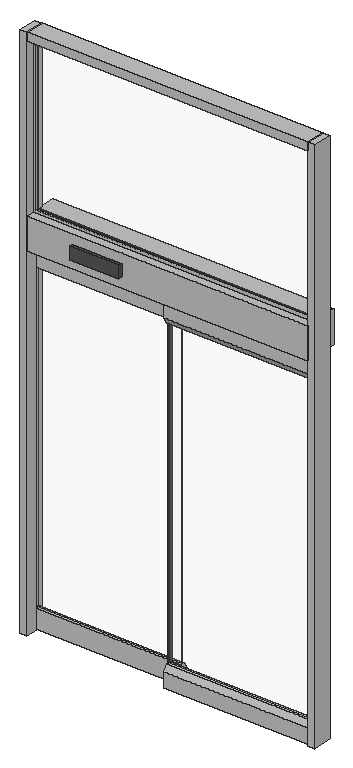
Revit family "Auto-Door_Sliding_Single_CurtainWall_Tormax_TX9500", category Doors, Revit 2026
Family settings
  Classification Number = 23.30.10.17.11
  Always vertical = Yes
  Cut with Voids When Loaded = No
  Shared = No
  Room Calculation Point = No
Parameters (values of type "Glass Sidelight with Transom OX")
  transomheight [instance] = if(Include Transom, Transom Height, 0' 0")  # 3' - 4"
  headerdepth = if(HD Drive, 0' 9 1/2", 0' 8")  # 0' - 8"
  XO = not(OX)  # no
  Water Penetration = "as Specified"
  Warranty Duration (Years) = 0
  VLT [instance] = 0
  Unit Width [instance] = 5' - 11 1/2"
  Unit Height [instance] = 11' - 0"
  URL = "http://www.tormaxusa.com/"
  U-Factor [instance] = 0
  Transom Height [instance] = 3' - 4"
  Thickness = Frame Thickness  # 0' - 4 1/2"
  Test Data = ""
  Structural Test Pressure = "N/A"
  Standards Conformance = "ANSI A156.10  ;  NFPA 101  ;  UL325  ;  C-UL"
  Specification = "http://www.arcat.com/sdspecs/htm/08463tor.htm"
  SpecWizard = ""
  Sensor Color [instance] = Metal - Tormax - Black
  Send Message = "http://www.arcat.com/users.pl?action=UserEmail&company=Tormax+Technologies,+Inc.&coid=43969&rep=108&fax=210-494-5930&mf="
  Sales Information = "http://www.tormaxusa.com/contact.php"
  SHGC [instance] = 0
  Revision = "R1_02-2014"
  ReportPackageWidth [instance] = 5' - 11.88605"
  ReportPackageHeight [instance] = 10' - 11 3/4"
  RO Width [instance] = Unit Width + (RO Spacing_Sides * 2)  # 6' - 0"
  RO Spacing_Top = 0' - 0 1/4"
  RO Spacing_Sides = 0' - 0 1/4"
  RO Height [instance] = Unit Height + (RO Spacing_Top)  # 11' - 0 1/4"
  Product Properties = ""
  Product Data = "http://www.arcat.com/arcatcos/cos43/arc43969.html"
  Panel Width [instance] = (Unit Width - 0' 1") / 2  # 2' - 11 1/4"
  Panel Thickness = 0' - 1 3/4"  # constant formula
  Operating Temperature Range = "Ambient -30F to 130F"
  OX = yes
  Miami Dade Conformance = "Does Not Apply"
  Max Width [instance] = 16' - 0"
  Max Height [instance] = 8' - 8"
  Include Transom = yes
  Has Partial Breakout Capability = yes
  HD Drive = no
  Glazing Tint [instance] = Glass - Tormax - Glazing as Specified
  Glazing Thickness_Transom [instance] = 0' - 0 1/4"
  Glazing Thickness_Sliding Panel = 0' - 0 1/2"
  Glazing Thickness_Fixed Panel = 0' - 0 1/2"
  Frame Thickness = 0' - 4 1/2"  # constant formula
  Frame Finish [instance] = Metal - Tormax - Aluminum Finished as Specified
  Fixed Panel Material [instance] = Glass - Tormax - Glazing as Specified
  Egress Width [instance] = Clear Door Opening Width + 0' 3"  # 2' - 8 3/4"
  Door Threshold [instance] = 9500SS : No Threshold
  Define Thermal Properties by = Schematic Type
  Clear Door Opening Width [instance] = Panel Width - 0' 5 1/2"  # 2' - 5 3/4"
  Clear Door Opening Height [instance] = Unit Height - Transom Height - 0' 7 3/4" - 0' 0 5/8"  # 6' - 11 5/8"
  CL Adjustment Location [instance] = 0' - 0"
  Model = "TX9500 as Specified"
  Manufacturer Website = "http://www.tormaxusa.com/"
  Manufacturer Phone - Toll Free = "888-685-3707"
  Manufacturer Phone = "210-494-3551"
  Manufacturer Fax = "210-494-5930"
  Manufacturer Address = "12859 Wetmore Rd. San Antonio, TX 78247"
  Manufacturer = "TORMAX USA Inc."
  Maintenance Schedule (Months) = 0
  Keynote = "08463"
  Installation-Fabrication = ""
  Installation Phase = ""
  Green Building-LEED = "http://www.arcat.com/green/clients/leed_data_43969.html"
  Function = Interior
  Expected Lifespan (Years) = 0
  Drawn By = "Sumex Design, Inc. / Robert S. Weygant, CSI, CDT, SCIP"
  Description = "Tormax Automatic Sliding Door - All Glass TX9500 as Specified"
  Copyright = "©Arcat Inc."
  Construction Details = "http://www.arcat.com/details/tormax/tormax.html?coid=43969"
  Breakout Angle [instance] = 45.00°
  Backset from Panel CL [instance] = 0' - 0"
  Available Options = "[Standard Weatherstripping][Electric Lock][Battery Backup][Door Position Monitoring][I/O Module][Key Switch]"
  Assembly Code = "B2030110"
  Analytic Construction = "<None>"
  Air Infiltration = "N/A"
Types (8): name | transomheight | headerdepth | XO | Unit Height | Transom Height | RO Height | OX | Include Transom | HD Drive | Model | Description
  HD Glass Sidelight with no Transom OX | 0' - 0" | 0' - 9 1/2" | no | 7' - 8" | 0' - 0" | 7' - 8 1/4" | yes | no | yes | "TX9500HD as Specified" | "Tormax HD Automatic Sliding Door - All Glass TX9500HD as Specified"
  HD Glass Sidelight with no Transom XO | 0' - 0" | 0' - 9 1/2" | yes | 7' - 8" | 0' - 0" | 7' - 8 1/4" | no | no | yes | "TX9500HD as Specified" | "Tormax HD Automatic Sliding Door - All Glass TX9500HD as Specified"
  HD Glass Sidelight with Transom OX | 3' - 4" | 0' - 9 1/2" | no | 11' - 0" | 3' - 4" | 11' - 0 1/4" | yes | yes | yes | "TX9500HD as Specified" | "Tormax HD Automatic Sliding Door - All Glass TX9500HD as Specified"
  HD Glass Sidelight with Transom XO | 3' - 4" | 0' - 9 1/2" | yes | 11' - 0" | 3' - 4" | 11' - 0 1/4" | no | yes | yes | "TX9500HD as Specified" | "Tormax HD Automatic Sliding Door - All Glass TX9500HD as Specified"
  Glass Sidelight with no Transom OX | 0' - 0" | 0' - 8" | no | 7' - 8" | 0' - 0" | 7' - 8 1/4" | yes | no | no | "TX9500 as Specified" | "Tormax Automatic Sliding Door - All Glass TX9500 as Specified"
  Glass Sidelight with no Transom XO | 0' - 0" | 0' - 8" | yes | 7' - 8" | 0' - 0" | 7' - 8 1/4" | no | no | no | "TX9500 as Specified" | "Tormax Automatic Sliding Door - All Glass TX9500 as Specified"
  Glass Sidelight with Transom OX | 3' - 4" | 0' - 8" | no | 11' - 0" | 3' - 4" | 11' - 0 1/4" | yes | yes | no | "TX9500 as Specified" | "Tormax Automatic Sliding Door - All Glass TX9500 as Specified"
  Glass Sidelight with Transom XO | 3' - 4" | 0' - 8" | yes | 11' - 0" | 3' - 4" | 11' - 0 1/4" | no | yes | no | "TX9500 as Specified" | "Tormax Automatic Sliding Door - All Glass TX9500 as Specified"
Reference planes (in)
  plane 1 "Center (Front/Back": y = 0
  plane 2: z = 0
  plane 3 "Center (Left/Right)": x = 20.94197
  plane 4 "Left": x = -15.25106
  plane 5 "Right": x = 57.13499
  plane 6 "Top": z = 131.75
  plane 7: y = 0
  plane 8: y = 2.25
  plane 9: y = -2.25
  plane 10: x = -15.00106
  plane 11: x = 56.88499
  plane 12: z = 132
  plane 13: z = 91.75
  plane 14 "Frame CL": y = 0
Text (in)
  text "Exterior" at (-65.12119, 31.38743, 0), in view "Plan"
Dimensions and locks (in)
  equal spacing: plane 4 "Left", plane 3 "Center (Left/Right)", plane 5 "Right"
  "CL Adjustment Location": plane 1 "Center (Front/Back" to plane 7
  plane 8 to plane 9 = 0' - 4 1/2"
  locked: plane 8 to plane 9 at 4.5
  "RO Spacing_Sides": plane 4 "Left" to plane 10
  "RO Spacing_Sides": plane 11 to plane 5 "Right"
  "RO Spacing_Top": plane 12 to plane 6 "Top"
  "ReportPackageWidth": plane 10 to plane 11
  "ReportPackageHeight": plane 6 "Top" to level
  "transomheight": plane 6 "Top" to plane 13
  equal spacing: plane 8, plane 14 "Frame CL", plane 9
  "Backset from Panel CL": plane 7 to plane 14 "Frame CL"
  aligned and locked: nested 2 to plane 3 "Center (Left/Right)"
  aligned and locked: nested 1 to plane 3 "Center (Left/Right)"
Nested families (in)
  nested 1: "9500SS" at (20.94197, 0, 66) x (1, 0, 0) z (0, 1, 0), include transom <- "Include Transom", breakout <- "Has Partial Breakout Capability", breakout angle <- "Breakout Angle", doodad finish <- "Sensor Color", transom height <- "Transom Height", transom glass thickness <- "Glazing Thickness_Transom", header depth <- "headerdepth", Unit Width <- "ReportPackageWidth", Unit Height <- "ReportPackageHeight", transom glazing <- "Glazing Tint", sliding panel glazing <- "Glazing Tint", frame finish <- "Frame Finish", fixed panel glazing <- "Fixed Panel Material", visible <- "OX", type <- "Door Threshold", type "No Threshold"
    with transom height 3' - 4", transom glazing Glass - Tormax - Glazing as Specified, transom glass thickness 0' - 0 1/4", surface mount yes, sliding panel glazing Glass - Tormax - Glazing as Specified, panelheightb 7' - 0", panelheighta 6' - 11 11/16", panel width 2' - 11.44303", include transom yes, header depth 0' - 8", frame finish Metal - Tormax - Aluminum Finished as Specified, flush mount no, fixed panel glazing Glass - Tormax - Glazing as Specified, doodad finish Metal - Tormax - Black, center rail width 0' - 1 3/4", breakout angle 45.00°, breakout yes, air space 0' - 0 5/16", accesscontrol no, Wall Thickness for Sensor Placement 0' - 0", Unit Width 5' - 11.88605", Unit Height 10' - 11 3/4"
  nested 2: "9500SS" at (20.94197, 0, 66) x (-1, 0, 0) z (0, 1, 0), include transom <- "Include Transom", breakout <- "Has Partial Breakout Capability", breakout angle <- "Breakout Angle", doodad finish <- "Sensor Color", Unit Width <- "ReportPackageWidth", Unit Height <- "ReportPackageHeight", visible <- "XO", transom glazing <- "Glazing Tint", sliding panel glazing <- "Glazing Tint", fixed panel glazing <- "Fixed Panel Material", frame finish <- "Frame Finish", transom height <- "Transom Height", transom glass thickness <- "Glazing Thickness_Transom", header depth <- "headerdepth", type <- "Door Threshold", type "No Threshold"
    with transom height 3' - 4", transom glazing Glass - Tormax - Glazing as Specified, transom glass thickness 0' - 0 1/4", surface mount yes, sliding panel glazing Glass - Tormax - Glazing as Specified, panelheightb 7' - 0", panelheighta 6' - 11 11/16", panel width 2' - 11.44303", include transom yes, header depth 0' - 8", frame finish Metal - Tormax - Aluminum Finished as Specified, flush mount no, fixed panel glazing Glass - Tormax - Glazing as Specified, doodad finish Metal - Tormax - Black, center rail width 0' - 1 3/4", breakout angle 45.00°, breakout yes, air space 0' - 0 5/16", accesscontrol no, Wall Thickness for Sensor Placement 0' - 0", Unit Width 5' - 11.88605", Unit Height 10' - 11 3/4"
Definition of nested family "9500SS"
  Parameters (values of type "No Threshold")
    transom height [instance] = 3' - 4 3/16"
    transom glazing [instance] = none
    transom glass thickness [instance] = 0' - 1"
    surface threshold = no
    surface mount [instance] = yes
    flush mount [instance] = not(surface mount)  # no
    panelheightb [instance] = Unit Height - transom height - 0' 7 3/4" - (air space - 0' 0 5/16")  # 7' - 0 1/16"
    panelheighta [instance] = Unit Height - transom height - 0' 7 3/4" - air space  # 6' - 11 3/4"
    sliding panel glazing [instance] = none
    panel width [instance] = (Unit Width - (0' 1 3/4" * 2)) / 2 + 0' 1 1/4"  # 3' - 5 1/2"
    panel thickness = 0' - 1 3/4"
    include transom [instance] = yes
    sliding glazing thickness = 0' - 0 1/2"
    header depth [instance] = 0' - 8"
    frame finish [instance] = none
    fixed panel glazing [instance] = none
    fixed glazing thickness = 0' - 0 1/2"
    doodad finish [instance] = none
    center rail width [instance] = if(accesscontrol, 0' 4 1/2", 0' 1 3/4")  # 0' - 4 1/2"
    breakout angle [instance] = 45.00°
    breakout [instance] = yes
    bottom rail height = 0' - 4 5/8"
    air space [instance] = if(surface threshold, 0' 0 13/16", 0' 0 5/16")  # 0' - 0 5/16"
    accesscontrol [instance] = yes
    Warranty Duration (Years) = 0
    Wall Thickness for Sensor Placement [instance] = 0' - 2 1/2"
    Unit Width [instance] = 7' - 0"
    Unit Height [instance] = 11' - 0"
    URL = ""
    Threshold_recessed = no
    Threshold_double bevel = no
    Threshold_bevel interior = no
    Threshold_bevel exterior = no
    Specification = ""
    SpecWizard = ""
    Send Message = ""
    Sales Information = ""
    Revision = "R1_01-2014"
    Product Properties = ""
    Product Data = ""
    Model = "As Specified"
    Manufacturer Website = ""
    Manufacturer Phone - Toll Free = ""
    Manufacturer Phone = ""
    Manufacturer Fax = ""
    Manufacturer Address = ""
    Manufacturer = ""
    Maintenance Schedule (Months) = 0
    Keynote = ""
    Installation-Fabrication = ""
    Installation Phase = ""
    Green Building-LEED = ""
    Expected Lifespan (Years) = 0
    Drawn By = "Sumex Design, Inc. / Robert S. Weygant, CSI, CDT, SCIP"
    Description = ""
    Define Thermal Properties by = 1
    Default Elevation = 0' - 0"
    Copyright = "©Arcat Inc."
    Construction Details = ""
    Assembly Code = ""
    Analytic Construction = "<None>"
  Types (5): name | surface threshold | panelheightb | panelheighta | fixed glazing thickness | bottom rail height | air space | Threshold_recessed | Threshold_double bevel | Threshold_bevel interior | Threshold_bevel exterior
    No Threshold | no | 7' - 0 1/16" | 6' - 11 3/4" | 0' - 0 1/2" | 0' - 4 5/8" | 0' - 0 5/16" | no | no | no | no
    Recessed Threshold | no | 7' - 0 1/16" | 6' - 11 3/4" | 0' - 0 1/4" | 0' - 4" | 0' - 0 5/16" | yes | no | no | no
    Bevel to Exterior Threshold | yes | 6' - 11 9/16" | 6' - 11 1/4" | 0' - 0 1/4" | 0' - 4" | 0' - 0 13/16" | no | no | no | yes
    Bevel to Interior Threshold | yes | 6' - 11 9/16" | 6' - 11 1/4" | 0' - 0 1/4" | 0' - 4" | 0' - 0 13/16" | no | no | yes | no
    Double Bevel Threshold | yes | 6' - 11 9/16" | 6' - 11 1/4" | 0' - 0 1/4" | 0' - 4" | 0' - 0 13/16" | no | yes | no | no
  Reference planes (in)
    plane 1 "Center (Front/Back)": y = 0
    plane 2 "Bottom": z = 0
    plane 3 "Center (Left/Right)": x = 0
    plane 4 "FF": y = -66
    plane 5 "Top": y = 66
    plane 6 "Left": x = -42
    plane 7 "Right": x = 42
    plane 8: y = 25.8125
    plane 9: z = 0.5
    plane 10: z = -0.5
    plane 11: x = -40.25
    plane 12: x = 40.25
    plane 13: y = -65.6875
    plane 14: y = 18.0625
    plane 15: y = -66
    plane 16: z = -2.25
    plane 17: z = 2.25
    plane 18: z = -2.25
    plane 19: z = 5.75
    plane 20: z = 2.25
    plane 21: x = -20.125
  Forms (in)
    Extrusion 1, solid, material <- "frame finish"
      sketch origin (0, 0, 0) x (1, 0, 0) y (0, 0, 1)
        loop
          line (-42, -2.25) -> (-40.25, -2.25) -> (-40.25, 2.25) -> (-42, 2.25) -> (-42, -2.25)
        loop
          line (40.25, -2.25) -> (42, -2.25) -> (42, 2.25) -> (40.25, 2.25) -> (40.25, -2.25)
      from -66 to 66
    Extrusion 2, solid, material <- "frame finish", visible <- "include transom"
      sketch origin (0, 0, 0) x (0, 1, 0) y (0, 0, 1)
        loop
          line (66, 2.25) -> (64.1875, 2.25) -> (64.1875, -2.25) -> (66, -2.25) -> (66, 2.25)
      from -40.25 to 40.25
    Extrusion 3, solid, material <- "frame finish"
      sketch origin (0, 0, 0) x (0, 1, 0) y (0, 0, 1)
        loop
          line (25.8125, -2.25) -> (25.8125, 5.75) -> (18.0625, 5.75) -> (18.0625, -2.25) -> (25.8125, -2.25)
      from -40.25 to 40.25
    Extrusion 4, solid, material <- "transom glazing", visible <- "include transom"
      sketch origin (0, 0, 0) x (0, 1, 0) y (0, 0, 1)
        loop
          line (25.8125, -0.5) -> (64.1875, -0.5) -> (64.1875, 0.5) -> (25.8125, 0.5) -> (25.8125, -0.5)
      from -40.25 to 40.25
    Sweep 5, solid, material <- "frame finish", visible <- "include transom"
      path origin (0, 0, 0) x (1, 0, 0) y (0, 1, 0)
        loop
          line (-40.25, 64.1875) -> (-40.25, 25.8125) -> (40.25, 25.8125) -> (40.25, 64.1875) -> (-40.25, 64.1875)
      profile origin (0, 64.1875, 0) x (0, 1, 0) y (0, 0, 1)
        loop
          line (0, 0.5) -> (0, 0.5625) -> (-0.75, 0.5625) -> (-0.75, 0.5) -> (0, 0.5)
        loop
          line (0, -0.5) -> (-0.75, -0.5) -> (-0.75, -0.75) -> (0, -0.75) -> (0, -0.5)
    Extrusion 6, solid, material <- "frame finish", visible <- "Threshold_recessed"
      sketch origin (0, 0, 0) x (0, 1, 0) y (0, 0, 1)
        loop
          line (-66, 2.25) -> (-66.5, 2.25) -> (-66.5, -2.25) -> (-66, -2.25) -> (-66, 2.25)
      from -40.25 to 40.25
    Extrusion 7, solid, material <- "frame finish", visible <- "Threshold_bevel exterior"
      sketch origin (0, 0, 0) x (0, 1, 0) y (0, 0, 1)
        loop
          line (-66, -2.25) -> (-65.5, -2.25) -> (-65.5, 2.25) -> (-66, 4.25) -> (-66, -2.25)
      from -40.25 to 40.25
    Extrusion 8, solid, material <- "frame finish", visible <- "Threshold_bevel interior"
      sketch origin (0, 0, 0) x (0, 1, 0) y (0, 0, 1)
        loop
          line (-65.5, -2.25) -> (-65.5, 2.25) -> (-66, 2.25) -> (-66, -4.25) -> (-65.5, -2.25)
      from -40.25 to 40.25
    Extrusion 9, solid, material <- "frame finish", visible <- "Threshold_double bevel"
      sketch origin (0, 0, 0) x (0, 1, 0) y (0, 0, 1)
        loop
          line (-66, 4.25) -> (-66, -4.25) -> (-65.5, -2.25) -> (-65.5, 2.25) -> (-66, 4.25)
      from -40.25 to 40.25
    Extrusion 10, solid, material <- "doodad finish"
      sketch origin (-20.125, 33.9869, 48) x (0, 1, 0) y (0, 0, 1)
        loop
          line (-10.5494, -42.25) -> (-10.5494, -41.5) -> (-13.5494, -41.5) -> (-13.5494, -42.25) -> (-10.5494, -42.25)
        loop
          line (-10.5494, -53.5) -> (-10.5494, -52.75) -> (-13.5494, -52.75) -> (-13.5494, -53.5) -> (-10.5494, -53.5)
      from -6 to 6
  Dimensions and locks (in)
    equal spacing: plane 6 "Left", plane 3 "Center (Left/Right)", plane 7 "Right"
    "Unit Width": plane 6 "Left" to plane 7 "Right"
    equal spacing: plane 5 "Top", plane 1 "Center (Front/Back)", plane 4 "FF"
    "Unit Height": plane 5 "Top" to plane 4 "FF"
    "transom height": plane 5 "Top" to plane 8
    locked: Extrusion 2 sketch curve to plane 5 "Top" at 1.8125
    locked: Extrusion 3 sketch curve to plane 8 at 7.75
    equal spacing: plane 10, level, plane 9
    "transom glass thickness": plane 10 to plane 9
    locked: Extrusion 4 sketch curve to plane 5 "Top" at 1.8125
    locked: plane 6 "Left" to Sweep 5 sketch curve at 1.75
    locked: Sweep 5 sketch curve to plane 7 "Right" at 1.75
    locked: plane 5 "Top" to Sweep 5 sketch curve at 1.8125
    locked: plane 9 to Sweep 5 sketch curve at 0.0625
    Sweep 5 sketch curve to Sweep 5 sketch curve to plane 5 "Top" = 0' - 0 3/4" locked, 0' - 1 13/16" locked  (x2)
    locked: Sweep 5 sketch curve to plane 10 at 0.25
    locked: plane 12 to plane 7 "Right" at 1.75
    locked: plane 6 "Left" to plane 11 at 1.75
    "air space": plane 13 to plane 4 "FF"
    locked: plane 14 to plane 8 at 7.75
    Extrusion 1 sketch curve to level to Extrusion 1 sketch curve = 0' - 2 1/4" locked, 0' - 2 1/4" locked  (x2)
    Extrusion 6 sketch curve to level to Extrusion 6 sketch curve = 0' - 2 1/4" locked, 0' - 2 1/4" locked
    locked: Extrusion 6 sketch curve to plane 4 "FF" at 0.5
    Extrusion 7 sketch curve to level to Extrusion 7 sketch curve to Extrusion 7 sketch curve = 0' - 2 1/4" locked, 0' - 2 1/4" locked, 0' - 2" locked
    Extrusion 8 sketch curve to Extrusion 8 sketch curve to level to Extrusion 8 sketch curve = 0' - 2" locked, 0' - 2 1/4" locked, 0' - 2 1/4" locked
    Extrusion 9 sketch curve to Extrusion 9 sketch curve to level to Extrusion 9 sketch curve to Extrusion 9 sketch curve = 0' - 2" locked, 0' - 2 1/4" locked, 0' - 2 1/4" locked, 0' - 2" locked
    locked: plane 4 "FF" to Extrusion 9 sketch curve at 0.5
    locked: plane 4 "FF" to Extrusion 7 sketch curve at 0.5
    locked: plane 4 "FF" to Extrusion 8 sketch curve at 0.5
    locked: plane 14 to Extrusion 10 sketch curve at 2.375  (x2)
    locked: Extrusion 10 sketch curve to plane 8 at 2.375  (x2)
    locked: plane 13 to plane 15 at 0.3125
    locked: level to plane 16 at 2.25
    equal spacing: plane 17, level, plane 18
    locked: plane 17 to plane 18 at 4.5
    "header depth": plane 18 to plane 19
    locked: Extrusion 10 sketch curve to plane 19 at 0.75
    plane 17 to plane 20 = 0' - 0"
    equal spacing: plane 11, plane 21, plane 3 "Center (Left/Right)"
    "Wall Thickness for Sensor Placement": Extrusion 10 sketch curve to plane 18
    locked: Extrusion 10 sketch curve to Extrusion 10 sketch curve at 0.75
    aligned and locked: Extrusion 1 to plane 5 "Top"
    aligned and locked: Extrusion 1 to plane 4 "FF"
    aligned and locked: plane 5 "Top" to Extrusion 2 sketch curve
    aligned and locked: plane 8 to Extrusion 3 sketch curve
    aligned and locked: plane 8 to Extrusion 4 sketch curve
    aligned and locked: Sweep 5 sketch curve to plane 8
    aligned and locked: plane 9 to Sweep 5 sketch curve
    aligned and locked: plane 10 to Sweep 5 sketch curve
    aligned and locked: plane 11 to Extrusion 1 sketch curve
    aligned and locked: plane 12 to Extrusion 1 sketch curve
    aligned and locked: Extrusion 1 sketch curve to plane 7 "Right"
    aligned and locked: plane 6 "Left" to Extrusion 1 sketch curve
    aligned and locked: Extrusion 2 to plane 11
    aligned and locked: Extrusion 4 to plane 11
    aligned and locked: plane 12 to Extrusion 4
    aligned and locked: plane 12 to Extrusion 2
    aligned and locked: plane 12 to Extrusion 3
    aligned and locked: Extrusion 3 to plane 11
    aligned and locked: plane 4 "FF" to Extrusion 6 sketch curve
    aligned and locked: Extrusion 9 sketch curve to plane 4 "FF"
    aligned and locked: plane 4 "FF" to Extrusion 7 sketch curve
    aligned and locked: plane 4 "FF" to Extrusion 8 sketch curve
    aligned and locked: nested 1 to plane 11
    aligned and locked: plane 13 to nested 1
    aligned and locked: plane 19 to Extrusion 10 sketch curve
    aligned and locked: plane 19 to Extrusion 3
    aligned and locked: plane 11 to Extrusion 9
    aligned and locked: plane 11 to Extrusion 8
    aligned and locked: plane 12 to Extrusion 9
    aligned and locked: plane 12 to Extrusion 6
    aligned and locked: plane 11 to Extrusion 6
    aligned and locked: plane 12 to Extrusion 8
    aligned and locked: plane 12 to Extrusion 7
    aligned and locked: plane 11 to Extrusion 7
    aligned: plane 20 to nested 1
    aligned and locked: nested 2 to plane 12
    aligned and locked: plane 14 to nested 2
  Automatic sketch dimensions
    Extrusion 2 sketch curve to level = 0' - 2 1/4"
    level to Extrusion 2 sketch curve = 0' - 2 1/4"
    Extrusion 3 sketch curve to level = 0' - 2 1/4"
    level to Extrusion 3 sketch curve = 0' - 5 3/4"
    plane 10 to Extrusion 4 sketch curve = 0' - 0"
    plane 9 to Extrusion 4 sketch curve = 0' - 0"
  Nested families (in)
    nested 1: "AGPanel" at (-19.5, -23.8125, 1.375), Width <- "panel width", breakout angle <- "breakout angle", frame finish <- "frame finish", fixed panel glazing <- "sliding panel glazing", glazing thickness <- "sliding glazing thickness", bottomrailheight <- "bottom rail height", Height <- "panelheighta", doodad <- "doodad finish", centerrail <- "center rail width", type "AGPanel"
      with stormimpact yes, stilewidth 0' - 2 1/8", rightchannel no, partialbreakout yes, nonimpact no, leftchannel no, glazing thickness 0' - 0 1/2", glassstopwidth 0' - 0 1/4", frame finish none, fixed panel glazing none, doodad none, directionalarrowinterior yes, directionalarrowexterior no, centerrail 0' - 4 1/2", breakoutswing yes, breakout angle 45.00°, bottomrailheightactual 0' - 4 5/8", bottomrailheight 0' - 4 5/8", airspaceunderdoor 0' - 0", built-in parameter 1001301 3' - 5 1/2", built-in parameter 1001300 6' - 11 3/4"
    nested 2: "AGPanel" at (19.625, -23.96875, -0.875) x (1, 0, 0) z (0, 0, -1), frame finish <- "frame finish", fixed panel glazing <- "fixed panel glazing", glazing thickness <- "fixed glazing thickness", bottomrailheight <- "bottom rail height", Width <- "panel width", Height <- "panelheightb", doodad <- "doodad finish", centerrail <- "center rail width", type "AGPanel"
      with stormimpact yes, stilewidth 0' - 2 1/8", rightchannel no, partialbreakout no, nonimpact no, leftchannel yes, glazing thickness 0' - 0 1/2", glassstopwidth 0' - 1 1/4", frame finish none, fixed panel glazing none, doodad none, directionalarrowinterior no, directionalarrowexterior no, centerrail 0' - 4 1/2", breakoutswing no, breakout angle 45.00°, bottomrailheightactual 0' - 4 15/16", bottomrailheight 0' - 4 5/8", airspaceunderdoor 0' - 0 5/16", built-in parameter 1001301 3' - 5 1/2", built-in parameter 1001300 7' - 0 1/16"
  Definition of nested family "AGPanel"
    Parameters (values of type "AGPanel")
      stormimpact [instance] = yes
      stilewidth [instance] = 0' - 2 3/16"
      rightchannel [instance] = yes
      partialbreakout [instance] = yes
      nonimpact [instance] = no
      leftchannel [instance] = yes
      glazing thickness [instance] = 0' - 0.54802"
      glassstopwidth [instance] = 0' - 1 1/4"
      frame finish [instance] = none
      fixed panel glazing [instance] = none
      doodad [instance] = none
      directionalarrowinterior [instance] = yes
      directionalarrowexterior [instance] = yes
      centerrail [instance] = 0' - 3 1/2"
      breakoutswing [instance] = yes
      breakout angle [instance] = 45.00°
      bottomrailheightactual [instance] = 0' 4 5/8" + airspaceunderdoor  # 0' - 5 1/8"
      bottomrailheight [instance] = 0' - 6"
      airspaceunderdoor [instance] = 0' - 0 1/2"
      Width [instance] = 2' - 8"
      Warranty Duration (Years) = 0
      URL = ""
      Specification = ""
      SpecWizard = ""
      Send Message = ""
      Sales Information = ""
      Revision = "R1_01-2014"
      Product Properties = ""
      Product Data = ""
      Model = "As Specified"
      Manufacturer Website = ""
      Manufacturer Phone - Toll Free = ""
      Manufacturer Phone = ""
      Manufacturer Fax = ""
      Manufacturer Address = ""
      Manufacturer = ""
      Maintenance Schedule (Months) = 0
      Keynote = ""
      Installation-Fabrication = ""
      Installation Phase = ""
      Height [instance] = 6' - 4"
      Green Building-LEED = ""
      Expected Lifespan (Years) = 0
      Drawn By = "Sumex Design, Inc. / Robert S. Weygant, CSI, CDT, SCIP"
      Description = ""
      Define Thermal Properties by = 1
      Default Elevation = 0' - 0"
      Copyright = "©Arcat Inc."
      Construction Details = ""
      Assembly Code = ""
      Analytic Construction = "<None>"
    Reference planes (in)
      plane 1 "Center (Front/Back)": y = 0
      plane 2 "Bottom": z = 0
      plane 3 "Center (Left/Right)": x = 0
      plane 4 "Front": y = -38
      plane 5 "Back": y = 38
      plane 6 "Left": x = -16
      plane 7 "Right": x = 16
      plane 8 "Side1": z = 0.875
      plane 9: z = -0.875
      plane 10: y = -32.875
      plane 11: y = 33.375
      plane 12: y = -37.5
      plane 13: y = 0.25
      plane 14: x = -15.875
      plane 15: x = 15.875
      plane 16: z = -0.6875
      plane 17: z = -0.13948
    Forms (in)
      Extrusion 1, solid, material <- "fixed panel glazing"
        sketch origin (-14.75, 57.80249, -0.875) x (1, 0, 0) y (0, 1, 0)
          loop
            line (-1.125, -24.42749) -> (-1.125, -90.67749) -> (30.625, -90.67749) -> (30.625, -24.42749) -> (-1.125, -24.42749)
        from 0.1875 to 0.73552
      Extrusion 2, solid, material <- "doodad", visible <- "rightchannel"
        sketch origin (0, 0, 0) x (1, 0, 0) y (0, 0, 1)
          loop
            line (16, -0.625) -> (16, -1.375) -> (16.0625, -1.375) -> (16.0625, -0.625) -> (16, -0.625)
        from -38 to 38
      Extrusion 3, solid, material <- "doodad", visible <- "leftchannel"
        sketch origin (-29.8125, 0, 0) x (1, 0, 0) y (0, 0, 1)
          loop
            line (13.75, -0.625) -> (13.75, -1.375) -> (13.8125, -1.375) -> (13.8125, -0.625) -> (13.75, -0.625)
        from -38 to 38
      Extrusion 4, solid, material <- "frame finish"
        sketch origin (0, 0, 0) x (0, 1, 0) y (0, 0, 1)
          loop
            line (-32.875, -0.875) -> (-32.875, 0.04802) -> (-34.30736, 0.875) -> (-38, 0.875) -> (-38, -0.875) -> (-32.875, -0.875)
        from -16 to 16
      Extrusion 5, solid, material <- "frame finish"
        sketch origin (0, 0, 0) x (0, 1, 0) y (0, 0, 1)
          loop
            line (34.80736, 0.875) -> (33.375, 0.04802) -> (33.375, -0.875) -> (38, -0.875) -> (38, 0.875) -> (34.80736, 0.875)
        from -16 to 16
    Lines and regions (in)
      Masking region 1, visible <- "directionalarrowexterior"
        outline origin (0, 0, 0) x (1, 0, 0) y (0, 0, 1)
          loop
            line (-2.23256, 3.10174) -> (2.23256, 3.10174) -> (2.23256, 2.125) -> (3.76744, 3.65988) -> (2.23256, 5.19477) -> (2.23256, 4.21802) -> (-2.23256, 4.21802) -> (-2.23256, 3.10174)
      Masking region 2, visible <- "directionalarrowinterior"
        outline origin (0, 0, -9.75) x (1, 0, 0) y (0, 0, 1)
          loop
            line (-2.23256, 5.53198) -> (2.23256, 5.53198) -> (2.23256, 4.55523) -> (3.76744, 6.09012) -> (2.23256, 7.625) -> (2.23256, 6.64826) -> (-2.23256, 6.64826) -> (-2.23256, 5.53198)
      reference lines
        curve 1: line (-12.5625, -8.19751, -0.375) -> (-12.5625, -8.19751, 19)
        curve 6: line (16, 0, 0.875) -> (7.51472, 0, 9.36028)
      symbolic lines, visible <- "breakoutswing"
        curve 2: line (-16, 38, 0) -> (16, 0.25, 0)
        curve 3: line (16, 0.25, 0) -> (-16, -37.5, 0)
      model lines, visible <- "breakoutswing"
        curve 4: arc (-16, -38, 0.875) -> (-13.56415, -38, 13.12087) -> (-6.62742, -38, 23.50242) r 32
      model lines, visible <- "partialbreakout"
        curve 5: line (16, -38, 0.875) -> (-6.62742, -38, 23.50242)
      symbolic lines, visible <- "partialbreakout"
        curve 7: line (-6.62742, 0, 23.50242) -> (-7.86485, 0, 22.26498)
        curve 8: line (-7.86485, 0, 22.26498) -> (14.76256, 0, -0.36244)
        curve 9: line (16, 0, 0.875) -> (14.76256, 0, -0.36244)
    Dimensions and locks (in)
      equal spacing: plane 6 "Left", plane 3 "Center (Left/Right)", plane 7 "Right"
      "Width": plane 6 "Left" to plane 7 "Right"
      equal spacing: plane 5 "Back", plane 1 "Center (Front/Back)", plane 4 "Front"
      "Height": plane 5 "Back" to plane 4 "Front"
      locked: plane 8 "Side1" to level at 0.875
      locked: level to plane 9 at 0.875
      locked: plane 10 to plane 12 at 4.625
      locked: plane 5 "Back" to plane 11 at 4.625
      "airspaceunderdoor": plane 12 to plane 4 "Front"
      equal spacing: plane 5 "Back", plane 13, plane 12
      "Width": curve 7 to curve 9
      locked: Extrusion 3 sketch curve to Extrusion 3 sketch curve at 0.0625
      Masking region 1 sketch curve to Masking region 1 sketch curve to Masking region 1 sketch curve to plane 3 "Center (Left/Right)" to Masking region 1 sketch curve = 0' - 1.53488" locked, 0' - 0" locked, 0' - 2.23256" locked, 0' - 2.23256" locked
      Masking region 2 sketch curve to Masking region 2 sketch curve to Masking region 2 sketch curve to plane 3 "Center (Left/Right)" to Masking region 2 sketch curve = 0' - 1.53488" locked, 0' - 0" locked, 0' - 2.23256" locked, 0' - 2.23256" locked
      locked: Extrusion 2 sketch curve to plane 9 at 0.25
      locked: plane 9 to Extrusion 2 sketch curve at 0.5
      locked: Extrusion 2 sketch curve to plane 7 "Right" at 0.0625
      locked: Extrusion 3 sketch curve to plane 9 at 0.25
      locked: plane 9 to Extrusion 3 sketch curve at 0.5
      locked: plane 15 to plane 7 "Right" at 0.125
      locked: plane 6 "Left" to plane 14 at 0.125
      "glazing thickness": plane 17 to plane 16
      locked: plane 16 to plane 9 at 0.1875
      locked: Extrusion 4 sketch curve to plane 17 at 0.1875
      "bottomrailheightactual": Extrusion 4 sketch curve to plane 10
      locked: Extrusion 4 sketch curve to plane 10 at 1.43236
      locked: Extrusion 5 sketch curve to plane 17 at 0.1875
      locked: plane 11 to Extrusion 5 sketch curve at 1.43236
      "Width": radius of curve 4
      "breakout angle": angle curve 5 to plane 8 "Side1"
      "breakout angle": angle curve 6 to plane 8 "Side1"
      aligned and locked: plane 12 to curve 3
      aligned and locked: plane 6 "Left" to curve 3
      aligned and locked: plane 5 "Back" to curve 2
      aligned and locked: plane 6 "Left" to curve 2
      aligned and locked: plane 8 "Side1" to curve 5
      aligned and locked: plane 8 "Side1" to curve 4
      aligned and locked: plane 7 "Right" to curve 4
      aligned and locked: plane 7 "Right" to curve 5
      aligned and locked: plane 13 to curve 2
      aligned and locked: plane 7 "Right" to curve 3
      aligned and locked: plane 7 "Right" to curve 6
      aligned and locked: plane 8 "Side1" to curve 6
      aligned and locked: Extrusion 2 to plane 4 "Front"
      aligned and locked: plane 5 "Back" to Extrusion 2
      aligned and locked: Extrusion 3 to plane 4 "Front"
      aligned and locked: plane 5 "Back" to Extrusion 3
      aligned and locked: plane 7 "Right" to Extrusion 2 sketch curve
      aligned and locked: plane 14 to Extrusion 1 sketch curve
      aligned and locked: plane 10 to Extrusion 1 sketch curve
      aligned and locked: Extrusion 1 sketch curve to plane 15
      aligned and locked: Extrusion 1 sketch curve to plane 11
      aligned and locked: Extrusion 1 to plane 16
      aligned and locked: plane 17 to Extrusion 1
      aligned and locked: plane 9 to Extrusion 4 sketch curve
      aligned and locked: plane 5 "Back" to Extrusion 5 sketch curve
      aligned and locked: Extrusion 5 sketch curve to plane 9
      aligned and locked: plane 7 "Right" to Extrusion 5
      aligned and locked: Extrusion 5 to plane 6 "Left"
      aligned and locked: plane 7 "Right" to Extrusion 4
      aligned and locked: Extrusion 4 to plane 6 "Left"
      aligned and locked: plane 8 "Side1" to Extrusion 5 sketch curve
      aligned and locked: plane 8 "Side1" to Extrusion 4 sketch curve
    Automatic sketch dimensions
      plane 8 "Side1" to curve 1 = 1' - 6 1/8"
      plane 8 "Side1" to Masking region 1 sketch curve = 0' - 1 1/4"
      plane 8 "Side1" to Masking region 1 sketch curve = 0' - 2.22674"
      Masking region 1 sketch curve to Masking region 1 sketch curve = 0' - 0.55814"
      Masking region 1 sketch curve to Masking region 1 sketch curve = 0' - 0.97674"
      Masking region 2 sketch curve to plane 9 = 0' - 4.31977"
      Masking region 2 sketch curve to plane 9 = 0' - 3.34302"
      Masking region 2 sketch curve to Masking region 2 sketch curve = 0' - 0.55814"
      Masking region 2 sketch curve to Masking region 2 sketch curve = 0' - 0.97674"
      plane 6 "Left" to curve 1 = 0' - 3 7/16"
      Extrusion 3 sketch curve to plane 6 "Left" = 0' - 0 1/16"
      curve 1 to level = 0' - 0 3/8"
      Extrusion 5 sketch curve to plane 11 = 0' - 0"
      curve 9 to curve 6 = 0' - 0"  (x2)
      curve 7 to curve 6 = 0' - 0"
      curve 6 to curve 8 = 0' - 1 3/4"
      Extrusion 4 sketch curve to plane 10 = 0' - 0"
